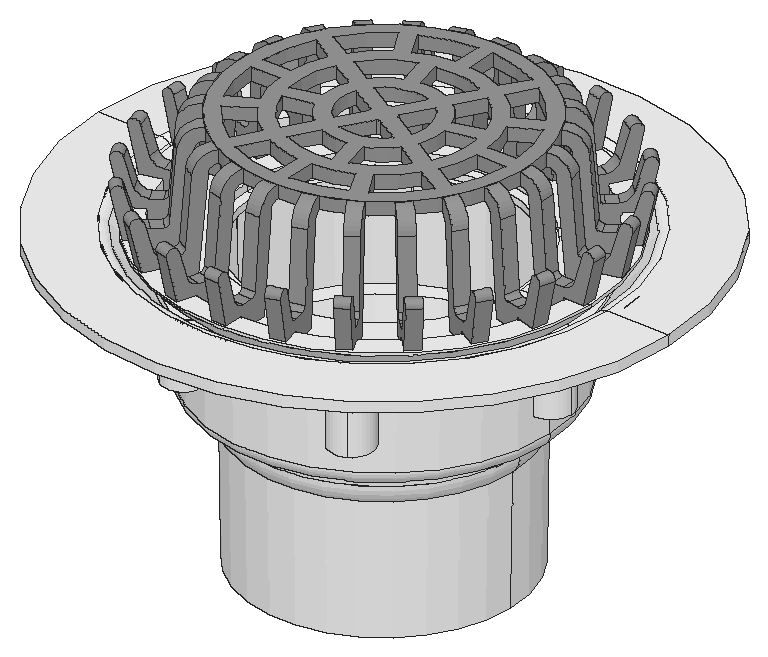
Revit family "3100.205  Roof Drain", category Plumbing Fixtures, Revit 2016
Family settings
  Part Type = Normal
  Round Connector Dimension = Use Diameter
  OmniClass Number = 23.45.00.00
  OmniClass Title = Sanitary, Laundry, and Cleaning Equipment
  Work Plane-Based = No
  Always vertical = Yes
  Cut with Voids When Loaded = No
  Shared = No
  Room Calculation Point = No
Parameters (values of type "3100.205 DN100")
  Waste Connection = yes
  Vent Connection = yes
  URL = "www.aquaknight.co.nz"
  Phone = "+6498322214"  # constant formula
  Model = "3100.205"
  Manufacturer = "Aquanight Industries Ltd"  # constant formula
  HW Connection = no
  Email = "info@aquaknight.co.nz"  # constant formula
  Description = "Roof Drain SD HF BE80 DN100 x100"
  Connector Size = 100 mm
  Connector Location = 75 mm  # constant formula
  CW Connection = no
Types (3, lengths in mm): name | Description | Connector Size
  (no name) | "Roof Drain SD HF BE80 DN100 x100" | 100
  3100.205 DN80 | "Roof Drain SD HF BE80 DN100 x 80" | 80
  3100.205 DN100 | "Roof Drain SD HF BE80 DN100 x100" | 100
Reference planes
  plane 1 "Center (Front/Back)": y = 0
  plane 2: z = 0
  plane 3 "Center (Left/Right)": x = 0
  plane 4: z = -75
Forms (mm)
  Revolve 1, solid, material "Plastic, Glossy White"
    sketch origin (0, 0, -4) x (1, 0, 0) y (0, 0, 1)
      loop
        line (-115, 4) -> (-115, 0) -> (-89.863, 0) -> (-78.069, -12.648) -> (-78.069, -15.504)
        arc (-78.069, -15.504) -> (-76.896, -18.33) -> (-74.069, -19.5) r 4
        line (-74.069, -19.5) -> (-67.629, -19.5) -> (-67.114, -48.643)
        arc (-67.114, -48.643) -> (-65.396, -52.547) -> (-61.406, -54.103) r 5.517
        arc (-61.406, -54.103) -> (-57.05, -55.766) -> (-55.2, -60.047) r 6
        arc (-55.2, -60.047) -> (-54.349, -64.085) -> (-52, -67.477) r 10.438
        line (-52, -67.477) -> (-51.354, -116.857) -> (-47.921, -116.857) -> (-48, -110.807) -> (-44.908, -110.807) -> (-44.908, -64.795) -> (-41.451, -65.098) -> (-38, -68.55) -> (-37.55, -112.512) -> (-35.05, -112.512) -> (-34.182, -62.807) -> (-49.785, -61.442) -> (-51.459, -50.375) -> (-58.805, -50.375) -> (-59.466, -12.5) -> (-72.737, -12.5) -> (-75.069, -10) -> (-86.641, 2.41)
        arc (-86.641, 2.41) -> (-88.304, 3.585) -> (-90.298, 4) r 5
        line (-90.298, 4) -> (-115, 4)
      loop
        line (-51.5, -6.15) -> (-51.5, -3.639) -> (-55.5, -3.639) -> (-55.5, -0.65) -> (-75.215, -0.65) -> (-75.215, 4) -> (-83.73, 4) -> (-83.73, 3.08) -> (-75.475, -5.175) -> (-51.5, -6.15)
      axis (0, 4) -> (0, -116.857)
    angle from 0 to 360
  Extrusion 2, solid, material "Stainless Steel", detail levels fine
    sketch origin (0, 0, 0) x (1, 0, 0) y (0, 1, 0)
      loop
        arc (-46.028, 23.147) -> (-49.762, 13.34) -> (-51.432, 2.979) r 51.54
        line (-51.432, 2.979) -> (-39.767, 2.979)
        arc (-39.767, 2.979) -> (-38.519, 10.327) -> (-35.926, 17.314) r 39.9
        line (-35.926, 17.314) -> (-46.028, 23.147)
      loop
        arc (-28.285, 43.071) -> (-36.422, 36.444) -> (-43.049, 28.307) r 51.54
        line (-43.049, 28.307) -> (-32.946, 22.475)
        arc (-32.946, 22.475) -> (-28.192, 28.214) -> (-22.453, 32.968) r 39.9
        line (-22.453, 32.968) -> (-28.285, 43.071)
      loop
        arc (-17.292, 35.948) -> (-10.305, 38.54) -> (-2.957, 39.789) r 39.9
        line (-2.957, 39.789) -> (-2.957, 51.454)
        arc (-2.957, 51.454) -> (-13.318, 49.784) -> (-23.125, 46.05) r 51.54
        line (-23.125, 46.05) -> (-17.292, 35.948)
      loop
        arc (-11.653, 32.06) -> (-20.749, 27.069) -> (-27.924, 19.575) r 34.12
        line (-27.924, 19.575) -> (-17.706, 13.676)
        arc (-17.706, 13.676) -> (-13.608, 17.763) -> (-8.599, 20.664) r 22.39
        line (-8.599, 20.664) -> (-11.653, 32.06)
      loop
        line (46.028, 23.147) -> (35.926, 17.314)
        arc (35.926, 17.314) -> (38.519, 10.327) -> (39.767, 2.979) r 39.9
        line (39.767, 2.979) -> (51.432, 2.979)
        arc (51.432, 2.979) -> (49.762, 13.34) -> (46.028, 23.147) r 51.54
      loop
        line (28.285, 43.071) -> (22.453, 32.968)
        arc (22.453, 32.968) -> (28.192, 28.214) -> (32.946, 22.475) r 39.9
        line (32.946, 22.475) -> (43.049, 28.307)
        arc (43.049, 28.307) -> (36.422, 36.444) -> (28.285, 43.071) r 51.54
      loop
        line (17.292, 35.948) -> (23.125, 46.05)
        arc (23.125, 46.05) -> (13.318, 49.784) -> (2.957, 51.454) r 51.54
        line (2.957, 51.454) -> (2.957, 39.789)
        arc (2.957, 39.789) -> (10.305, 38.54) -> (17.292, 35.948) r 39.9
      loop
        line (-46.028, -23.147) -> (-35.926, -17.314)
        arc (-35.926, -17.314) -> (-38.519, -10.327) -> (-39.767, -2.979) r 39.9
        line (-39.767, -2.979) -> (-51.432, -2.979)
        arc (-51.432, -2.979) -> (-49.762, -13.34) -> (-46.028, -23.147) r 51.54
      loop
        line (-28.285, -43.071) -> (-22.453, -32.968)
        arc (-22.453, -32.968) -> (-28.192, -28.214) -> (-32.946, -22.475) r 39.9
        line (-32.946, -22.475) -> (-43.049, -28.307)
        arc (-43.049, -28.307) -> (-36.422, -36.444) -> (-28.285, -43.071) r 51.54
      loop
        line (-17.292, -35.948) -> (-23.125, -46.05)
        arc (-23.125, -46.05) -> (-13.318, -49.784) -> (-2.957, -51.454) r 51.54
        line (-2.957, -51.454) -> (-2.957, -39.789)
        arc (-2.957, -39.789) -> (-10.305, -38.54) -> (-17.292, -35.948) r 39.9
      loop
        arc (46.028, -23.147) -> (49.762, -13.34) -> (51.432, -2.979) r 51.54
        line (51.432, -2.979) -> (39.767, -2.979)
        arc (39.767, -2.979) -> (38.519, -10.327) -> (35.926, -17.314) r 39.9
        line (35.926, -17.314) -> (46.028, -23.147)
      loop
        arc (28.285, -43.071) -> (36.422, -36.444) -> (43.049, -28.307) r 51.54
        line (43.049, -28.307) -> (32.946, -22.475)
        arc (32.946, -22.475) -> (28.192, -28.214) -> (22.453, -32.968) r 39.9
        line (22.453, -32.968) -> (28.285, -43.071)
      loop
        arc (17.292, -35.948) -> (10.305, -38.54) -> (2.957, -39.789) r 39.9
        line (2.957, -39.789) -> (2.957, -51.454)
        arc (2.957, -51.454) -> (13.318, -49.784) -> (23.125, -46.05) r 51.54
        line (23.125, -46.05) -> (17.292, -35.948)
      loop
        arc (11.653, -32.06) -> (20.749, -27.069) -> (27.924, -19.575) r 34.12
        line (27.924, -19.575) -> (17.706, -13.676)
        arc (17.706, -13.676) -> (13.608, -17.763) -> (8.599, -20.664) r 22.39
        line (8.599, -20.664) -> (11.653, -32.06)
      loop
        arc (-30.904, 14.415) -> (-33.806, 4.454) -> (-33.581, -5.919) r 34.12
        line (-33.581, -5.919) -> (-22.184, -2.866)
        arc (-22.184, -2.866) -> (-22.177, 2.922) -> (-20.686, 8.515) r 22.39
        line (-20.686, 8.515) -> (-30.904, 14.415)
      loop
        line (-4.945, -0.573) -> (-15.566, 5.56)
        arc (-15.566, 5.56) -> (-15.964, -4.283) -> (-10.698, -12.609) r 16.55
        line (-10.698, -12.609) -> (-4.566, -1.988)
        arc (-4.566, -1.988) -> (-4.808, -1.294) -> (-4.945, -0.573) r 5
      loop
        line (12.631, -10.72) -> (2.01, -4.588)
        arc (2.01, -4.588) -> (1.316, -4.83) -> (0.594, -4.967) r 5
        line (0.594, -4.967) -> (-5.538, -15.588)
        arc (-5.538, -15.588) -> (4.305, -15.986) -> (12.631, -10.72) r 16.55
      loop
        line (4.989, 0.573) -> (15.61, -5.56)
        arc (15.61, -5.56) -> (16.008, 4.283) -> (10.742, 12.609) r 16.55
        line (10.742, 12.609) -> (4.61, 1.988)
        arc (4.61, 1.988) -> (4.852, 1.294) -> (4.989, 0.573) r 5
      loop
        arc (5.581, 15.588) -> (-4.262, 15.986) -> (-12.587, 10.72) r 16.55
        line (-12.587, 10.72) -> (-1.966, 4.588)
        arc (-1.966, 4.588) -> (-1.272, 4.83) -> (-0.551, 4.967) r 5
        line (-0.551, 4.967) -> (5.581, 15.588)
      loop
        line (33.625, 5.919) -> (22.228, 2.866)
        arc (22.228, 2.866) -> (22.22, -2.922) -> (20.729, -8.515) r 22.39
        line (20.729, -8.515) -> (30.948, -14.415)
        arc (30.948, -14.415) -> (33.85, -4.454) -> (33.625, 5.919) r 34.12
      loop
        line (-20.642, -8.621) -> (-32.038, -11.675)
        arc (-32.038, -11.675) -> (-27.047, -20.771) -> (-19.553, -27.946) r 34.12
        line (-19.553, -27.946) -> (-13.654, -17.728)
        arc (-13.654, -17.728) -> (-17.741, -13.63) -> (-20.642, -8.621) r 22.39
      loop
        arc (-14.393, -30.926) -> (-4.432, -33.828) -> (5.941, -33.603) r 34.12
        line (5.941, -33.603) -> (2.887, -22.206)
        arc (2.887, -22.206) -> (-2.901, -22.198) -> (-8.493, -20.708) r 22.39
        line (-8.493, -20.708) -> (-14.393, -30.926)
      loop
        line (20.686, 8.621) -> (32.082, 11.675)
        arc (32.082, 11.675) -> (27.091, 20.771) -> (19.597, 27.946) r 34.12
        line (19.597, 27.946) -> (13.698, 17.728)
        arc (13.698, 17.728) -> (17.785, 13.63) -> (20.686, 8.621) r 22.39
      loop
        arc (14.437, 30.926) -> (4.475, 33.828) -> (-5.897, 33.603) r 34.12
        line (-5.897, 33.603) -> (-2.844, 22.206)
        arc (-2.844, 22.206) -> (2.944, 22.198) -> (8.537, 20.708) r 22.39
        line (8.537, 20.708) -> (14.437, 30.926)
      loop
        circle (0.022, 0) r 57.228
    from 35 to 40
  Revolve 3, solid, material "Stainless Steel", detail levels coarse+medium
    sketch origin (0, 0, -4) x (1, 0, 0) y (0, 0, 1)
      loop
        line (0, 44) -> (-57.51, 44)
        arc (-57.51, 44) -> (-63.283, 41.74) -> (-65.988, 36.162) r 8.504
        line (-65.988, 36.162) -> (-68.033, 10.092)
        arc (-68.033, 10.092) -> (-68.634, 8.852) -> (-69.917, 8.35) r 1.89
        line (-69.917, 8.35) -> (-74.388, 8.35)
        arc (-74.388, 8.35) -> (-77.362, 9.331) -> (-79.169, 11.888) r 5
        line (-79.169, 11.888) -> (-82.46, 22.651)
        arc (-82.46, 22.651) -> (-85.284, 24.218) -> (-86.95, 21.452) r 2.325
        line (-86.95, 21.452) -> (-83.071, 4.65) -> (-75, 4.65) -> (-75, -0.65) -> (-63.95, -0.65) -> (-60.77, 35.692)
        arc (-60.77, 35.692) -> (-59.609, 38.048) -> (-57.161, 39) r 3.624
        line (-57.161, 39) -> (0, 39) -> (0, 44)
      axis (0, 44) -> (0, -0.65)
    angle from 0 to 360
  Extrusion 4, solid, material "Plastic, Glossy White", detail levels medium+fine
    sketch origin (0, 0, -4) x (1, 0, 0) y (0, 1, 0)
      loop
        circle (67.565, 0) r 8.2
      loop
        circle (-67.565, 0) r 8.2
      loop
        circle (-33.782, 58.513) r 8.2
      loop
        circle (33.782, 58.513) r 8.2
      loop
        circle (-33.782, -58.513) r 8.2
      loop
        circle (33.782, -58.513) r 8.2
    from -38.379 to -12.5
Lines and regions (mm)
  model lines, detail levels medium+fine
    curve 1: circle (53.522, 92.665, 0) r 4.5 normal (0, 0, 1)
    curve 2: circle (107.022, 0, 0) r 4.5 normal (0, 0, 1)
    curve 3: circle (-53.478, 92.665, 0) r 4.5 normal (0, 0, 1)
    curve 4: circle (-106.978, 0, 0) r 4.5 normal (0, 0, 1)
    curve 5: circle (-53.478, -92.665, 0) r 4.5 normal (0, 0, 1)
    curve 6: circle (53.522, -92.665, 0) r 4.5 normal (0, 0, 1)
Dimensions and locks
  "Connector Location": level to plane 4
  locked: connector elem to plane 1 "Center (Front/Back)" at 0
  locked: connector elem to plane 3 "Center (Left/Right)" at 0
  aligned and locked: level to plane 2
Automatic sketch dimensions
  Revolve 1 sketch curve to level = 0 mm  (x2)
  Revolve 1 sketch curve to plane 3 "Center (Left/Right)" = 0 mm
  plane 4 to Revolve 1 sketch curve = 8.193 mm
  Revolve 1 sketch curve to plane 3 "Center (Left/Right)" = 34.182 mm
  Revolve 1 sketch curve to plane 3 "Center (Left/Right)" = 35.05 mm
  Revolve 1 sketch curve to Revolve 1 sketch curve = 2.5 mm
  plane 4 to Revolve 1 sketch curve = 2.45 mm
  Revolve 1 sketch curve to Revolve 1 sketch curve = 3.817 mm
  plane 4 to Revolve 1 sketch curve = 5.902 mm
  Revolve 1 sketch curve to Revolve 1 sketch curve = 3.452 mm
  Revolve 1 sketch curve to Revolve 1 sketch curve = 3.311 mm
  plane 4 to Revolve 1 sketch curve = 6.205 mm
  Revolve 1 sketch curve to Revolve 1 sketch curve = 3.457 mm
  Revolve 1 sketch curve to Revolve 1 sketch curve = 3.012 mm
  Revolve 1 sketch curve to Revolve 1 sketch curve = 3.091 mm
  plane 4 to Revolve 1 sketch curve = 9.558 mm
  Revolve 1 sketch curve to Revolve 1 sketch curve = 5.022 mm
  Revolve 1 sketch curve to Revolve 1 sketch curve = 3.434 mm
  Revolve 1 sketch curve to Revolve 1 sketch curve = 1.674 mm
  Revolve 1 sketch curve to level = 10.15 mm
  Revolve 1 sketch curve to Revolve 1 sketch curve = 0.041 mm
  plane 4 to Revolve 1 sketch curve = 3.523 mm
  Revolve 1 sketch curve to Revolve 1 sketch curve = 2.215 mm
  Revolve 1 sketch curve to Revolve 1 sketch curve = 4 mm
  Revolve 1 sketch curve to Revolve 1 sketch curve = 7.345 mm
  Revolve 1 sketch curve to level = 16.5 mm
  Revolve 1 sketch curve to Revolve 1 sketch curve = 3.966 mm
  Revolve 1 sketch curve to Revolve 1 sketch curve = 2.395 mm
  Revolve 1 sketch curve to Revolve 1 sketch curve = 2.794 mm
  plane 4 to Revolve 1 sketch curve = 22.357 mm
  Revolve 1 sketch curve to Revolve 1 sketch curve = 5.516 mm
  Revolve 1 sketch curve to Revolve 1 sketch curve = 8.163 mm
  Revolve 1 sketch curve to Revolve 1 sketch curve = 5.109 mm
  Revolve 1 sketch curve to Revolve 1 sketch curve = 6.44 mm
  Revolve 1 sketch curve to level = 14 mm
  Revolve 1 sketch curve to Revolve 1 sketch curve = 2.331 mm
  Revolve 1 sketch curve to Revolve 1 sketch curve = 0.147 mm
  Revolve 1 sketch curve to level = 9.175 mm
  Revolve 1 sketch curve to Revolve 1 sketch curve = 0.259 mm
  Revolve 1 sketch curve to level = 16.648 mm
  Revolve 1 sketch curve to Revolve 1 sketch curve = 3 mm
  Revolve 1 sketch curve to level = 0.92 mm
  Revolve 1 sketch curve to Revolve 1 sketch curve = 8.514 mm
  Revolve 1 sketch curve to level = 1.59 mm
  Revolve 1 sketch curve to Revolve 1 sketch curve = 2.912 mm
  Revolve 1 sketch curve to Revolve 1 sketch curve = 3.222 mm
  Revolve 1 sketch curve to Revolve 1 sketch curve = 0.435 mm
  Revolve 1 sketch curve to Revolve 1 sketch curve = 24.702 mm
  Revolve 1 sketch curve to plane 4 = 39.807 mm
  Revolve 1 sketch curve to Revolve 1 sketch curve = 1.704 mm
  Revolve 1 sketch curve to Revolve 1 sketch curve = 6.049 mm
  plane 4 to Revolve 1 sketch curve = 10.901 mm
  Revolve 1 sketch curve to Revolve 1 sketch curve = 4.839 mm
  Revolve 1 sketch curve to Revolve 1 sketch curve = 1.732 mm
  Revolve 1 sketch curve to Revolve 1 sketch curve = 1.829 mm
  Revolve 1 sketch curve to Revolve 1 sketch curve = 7 mm
  Revolve 1 sketch curve to Revolve 1 sketch curve = 2.856 mm
  Revolve 1 sketch curve to Revolve 1 sketch curve = 2.511 mm
  Revolve 1 sketch curve to Revolve 1 sketch curve = 2.989 mm
  Revolve 1 sketch curve to Revolve 1 sketch curve = 1 mm
  Revolve 1 sketch curve to Revolve 1 sketch curve = 0 mm
  Revolve 1 sketch curve to Revolve 1 sketch curve = 2.602 mm
  Revolve 1 sketch curve to Revolve 1 sketch curve = 0.002 mm
  Revolve 1 sketch curve to Revolve 1 sketch curve = 336.074 mm
  level to Revolve 1 sketch curve = 2441.244 mm
  Extrusion 2 sketch curve to Extrusion 2 sketch curve = 0 mm  (x1375)
  plane 1 "Center (Front/Back)" to Extrusion 2 sketch curve = 0 mm  (x2)
  Extrusion 2 sketch curve to plane 1 "Center (Front/Back)" = 2.979 mm  (x2)
  Extrusion 2 sketch curve to plane 3 "Center (Left/Right)" = 51.432 mm
  plane 1 "Center (Front/Back)" to Extrusion 2 sketch curve = 23.147 mm
  Extrusion 2 sketch curve to Extrusion 2 sketch curve = 5.404 mm  (x2)
  Extrusion 2 sketch curve to plane 1 "Center (Front/Back)" = 23.147 mm
  Extrusion 2 sketch curve to Extrusion 2 sketch curve = 2.979 mm  (x17)
  Extrusion 2 sketch curve to Extrusion 2 sketch curve = 11.665 mm  (x2)
  plane 1 "Center (Front/Back)" to Extrusion 2 sketch curve = 17.314 mm  (x2)
  Extrusion 2 sketch curve to plane 1 "Center (Front/Back)" = 17.314 mm  (x2)
  plane 1 "Center (Front/Back)" to Extrusion 2 sketch curve = 5.919 mm
  Extrusion 2 sketch curve to Extrusion 2 sketch curve = 6.186 mm
  plane 1 "Center (Front/Back)" to Extrusion 2 sketch curve = 11.675 mm
  Extrusion 2 sketch curve to Extrusion 2 sketch curve = 1.542 mm  (x4)
  Extrusion 2 sketch curve to plane 1 "Center (Front/Back)" = 14.415 mm
  Extrusion 2 sketch curve to Extrusion 2 sketch curve = 14.763 mm  (x2)
  Extrusion 2 sketch curve to Extrusion 2 sketch curve = 5.022 mm  (x5)
  Extrusion 2 sketch curve to Extrusion 2 sketch curve = 5.16 mm  (x17)
  Extrusion 2 sketch curve to Extrusion 2 sketch curve = 5.833 mm  (x4)
  plane 1 "Center (Front/Back)" to Extrusion 2 sketch curve = 2.866 mm
  Extrusion 2 sketch curve to Extrusion 2 sketch curve = 11.397 mm  (x3)
  Extrusion 2 sketch curve to plane 1 "Center (Front/Back)" = 8.515 mm
  plane 1 "Center (Front/Back)" to Extrusion 2 sketch curve = 8.621 mm
  Extrusion 2 sketch curve to Extrusion 2 sketch curve = 2.899 mm  (x3)
  Extrusion 2 sketch curve to plane 1 "Center (Front/Back)" = 5.56 mm
  Extrusion 2 sketch curve to Extrusion 2 sketch curve = 5.119 mm  (x5)
  Extrusion 2 sketch curve to Extrusion 2 sketch curve = 6.988 mm
  Extrusion 2 sketch curve to Extrusion 2 sketch curve = 5.639 mm  (x2)
  Extrusion 2 sketch curve to Extrusion 2 sketch curve = 2.956 mm  (x4)
  Extrusion 2 sketch curve to plane 3 "Center (Left/Right)" = 8.599 mm
  Extrusion 2 sketch curve to plane 3 "Center (Left/Right)" = 5.897 mm
  Extrusion 2 sketch curve to plane 3 "Center (Left/Right)" = 5.538 mm
  plane 1 "Center (Front/Back)" to Extrusion 2 sketch curve = 0.573 mm
  Extrusion 2 sketch curve to plane 3 "Center (Left/Right)" = 4.945 mm
  plane 1 "Center (Front/Back)" to Extrusion 2 sketch curve = 1.988 mm
  Extrusion 2 sketch curve to plane 3 "Center (Left/Right)" = 2.957 mm  (x2)
  Extrusion 2 sketch curve to plane 3 "Center (Left/Right)" = 2.844 mm
  Extrusion 2 sketch curve to plane 3 "Center (Left/Right)" = 1.966 mm
  Extrusion 2 sketch curve to plane 3 "Center (Left/Right)" = 0.551 mm
  Extrusion 2 sketch curve to plane 3 "Center (Left/Right)" = 0.022 mm
  plane 3 "Center (Left/Right)" to Extrusion 2 sketch curve = 0.594 mm
  Extrusion 2 sketch curve to Extrusion 2 sketch curve = 1.415 mm
  plane 3 "Center (Left/Right)" to Extrusion 2 sketch curve = 2.887 mm
  plane 3 "Center (Left/Right)" to Extrusion 2 sketch curve = 2.957 mm  (x2)
  Extrusion 2 sketch curve to plane 1 "Center (Front/Back)" = 1.988 mm
  plane 3 "Center (Left/Right)" to Extrusion 2 sketch curve = 4.61 mm
  Extrusion 2 sketch curve to plane 1 "Center (Front/Back)" = 0.573 mm
  plane 3 "Center (Left/Right)" to Extrusion 2 sketch curve = 5.581 mm
  plane 3 "Center (Left/Right)" to Extrusion 2 sketch curve = 5.941 mm
  Extrusion 2 sketch curve to Extrusion 2 sketch curve = 5.712 mm  (x2)
  Extrusion 2 sketch curve to Extrusion 2 sketch curve = 4.031 mm
  Extrusion 2 sketch curve to Extrusion 2 sketch curve = 5.899 mm
  plane 1 "Center (Front/Back)" to Extrusion 2 sketch curve = 5.56 mm
  Extrusion 2 sketch curve to Extrusion 2 sketch curve = 2.856 mm  (x2)
  Extrusion 2 sketch curve to Extrusion 2 sketch curve = 5.076 mm
  Extrusion 2 sketch curve to plane 1 "Center (Front/Back)" = 8.621 mm
  Extrusion 2 sketch curve to Extrusion 2 sketch curve = 9.944 mm
  plane 1 "Center (Front/Back)" to Extrusion 2 sketch curve = 8.515 mm
  Extrusion 2 sketch curve to plane 1 "Center (Front/Back)" = 2.866 mm
  Extrusion 2 sketch curve to Extrusion 2 sketch curve = 10.218 mm
  plane 1 "Center (Front/Back)" to Extrusion 2 sketch curve = 14.415 mm
  Extrusion 2 sketch curve to Extrusion 2 sketch curve = 3.023 mm
  Extrusion 2 sketch curve to plane 1 "Center (Front/Back)" = 11.675 mm
  Extrusion 2 sketch curve to Extrusion 2 sketch curve = 0.864 mm
  Extrusion 2 sketch curve to plane 1 "Center (Front/Back)" = 5.919 mm
  Extrusion 2 sketch curve to Extrusion 2 sketch curve = 4.978 mm
  plane 1 "Center (Front/Back)" to Extrusion 2 sketch curve = 2.979 mm
  Extrusion 2 sketch curve to Extrusion 2 sketch curve = 10.102 mm  (x2)
  Extrusion 2 sketch curve to Extrusion 2 sketch curve = 0.908 mm
  plane 1 "Center (Front/Back)" to Extrusion 2 sketch curve = 4.967 mm
  Extrusion 2 sketch curve to plane 1 "Center (Front/Back)" = 4.588 mm
  Revolve 3 sketch curve to plane 3 "Center (Left/Right)" = 0 mm  (x2)
  level to Revolve 3 sketch curve = 31.376 mm
  Revolve 3 sketch curve to plane 3 "Center (Left/Right)" = 57.161 mm
  Revolve 3 sketch curve to Revolve 3 sketch curve = 0.349 mm
  Revolve 3 sketch curve to Revolve 3 sketch curve = 3.26 mm
  Revolve 3 sketch curve to level = 4.65 mm
  Revolve 3 sketch curve to Revolve 3 sketch curve = 3.18 mm
  level to Revolve 3 sketch curve = 32.162 mm
  Revolve 3 sketch curve to Revolve 3 sketch curve = 5.217 mm
  level to Revolve 3 sketch curve = 6.092 mm
  Revolve 3 sketch curve to Revolve 3 sketch curve = 4.083 mm
  Revolve 3 sketch curve to Revolve 3 sketch curve = 1.884 mm
  Revolve 3 sketch curve to Revolve 3 sketch curve = 4.47 mm
  Revolve 3 sketch curve to Revolve 3 sketch curve = 0.612 mm
  level to Revolve 3 sketch curve = 7.888 mm
  Revolve 3 sketch curve to Revolve 3 sketch curve = 4.782 mm
  level to Revolve 3 sketch curve = 0.65 mm
  Revolve 3 sketch curve to Revolve 3 sketch curve = 8.071 mm
  Revolve 3 sketch curve to Revolve 3 sketch curve = 5.514 mm
  level to Revolve 3 sketch curve = 17.452 mm
  Revolve 3 sketch curve to Revolve 3 sketch curve = 2.267 mm
  Revolve 3 sketch curve to Revolve 3 sketch curve = 3.7 mm
  Revolve 3 sketch curve to Revolve 3 sketch curve = 0.52 mm
  Revolve 3 sketch curve to Revolve 3 sketch curve = 0.12 mm
  Revolve 3 sketch curve to Revolve 3 sketch curve = 0.196 mm
  level to Revolve 3 sketch curve = 18.651 mm
  Revolve 3 sketch curve to Revolve 3 sketch curve = 2.224 mm
  Revolve 3 sketch curve to Revolve 3 sketch curve = 0 mm
  Revolve 3 sketch curve to plane 4 = 381.931 mm
  Revolve 3 sketch curve to Revolve 3 sketch curve = 2401.244 mm
  plane 1 "Center (Front/Back)" to Extrusion 4 sketch curve = 0 mm  (x2)
  Extrusion 4 sketch curve to plane 3 "Center (Left/Right)" = 67.565 mm
  Extrusion 4 sketch curve to plane 3 "Center (Left/Right)" = 33.782 mm  (x2)
  plane 3 "Center (Left/Right)" to Extrusion 4 sketch curve = 33.782 mm  (x2)
  Extrusion 4 sketch curve to Extrusion 4 sketch curve = 33.782 mm
  plane 1 "Center (Front/Back)" to Extrusion 4 sketch curve = 58.513 mm  (x2)
  Extrusion 4 sketch curve to plane 1 "Center (Front/Back)" = 58.513 mm  (x2)
  Revolve 1 to curve 4 = 0 mm
  Revolve 1 to curve 2 = 0 mm
  Revolve 1 to curve 6 = 92.665 mm
  Revolve 1 to curve 5 = 92.665 mm
  curve 3 to Revolve 1 = 92.665 mm
  curve 1 to Revolve 1 = 92.665 mm
  curve 2 to curve 6 = 53.5 mm
  curve 2 to curve 1 = 53.5 mm
  curve 6 to curve 5 = 107 mm
  curve 1 to curve 3 = 107 mm
  curve 5 to curve 4 = 53.5 mm
  radius of Extrusion 2 sketch curve = 57.228 mm
  radius of Extrusion 4 sketch curve = 8.2 mm  (x6)
  radius of curve 1 = 4.5 mm
  radius of curve 2 = 4.5 mm
  radius of curve 3 = 4.5 mm
  radius of curve 4 = 4.5 mm
  radius of curve 5 = 4.5 mm
  radius of curve 6 = 4.5 mm
Nested families
  nested 1: "hook" at (0, 0, 0), type "230", detail levels fine
  nested 2: "hook" at (0, 0, 0) x (0.9659, 0.2588, 0) z (0, 0, 1), type "230", detail levels fine
  nested 3: "hook" at (0, 0, 0) x (0.866, 0.5, 0) z (0, 0, 1), type "230", detail levels fine
  nested 4: "hook" at (0, 0, 0) x (0.7071, 0.7071, 0) z (0, 0, 1), type "230", detail levels fine
  nested 5: "hook" at (0, 0, 0) x (0.5, 0.866, 0) z (0, 0, 1), type "230", detail levels fine
  nested 6: "hook" at (0, 0, 0) x (0.2588, 0.9659, 0) z (0, 0, 1), type "230", detail levels fine
  nested 7: "hook" at (0, 0, 0) x (0, 1, 0) z (0, 0, 1), type "230", detail levels fine
  nested 8: "hook" at (0, 0, 0) x (-0.2588, 0.9659, 0) z (0, 0, 1), type "230", detail levels fine
  nested 9: "hook" at (0, 0, 0) x (-0.5, 0.866, 0) z (0, 0, 1), type "230", detail levels fine
  nested 10: "hook" at (0, 0, 0) x (-0.7071, 0.7071, 0) z (0, 0, 1), type "230", detail levels fine
  nested 11: "hook" at (0, 0, 0) x (-0.866, 0.5, 0) z (0, 0, 1), type "230", detail levels fine
  nested 12: "hook" at (0, 0, 0) x (-0.9659, 0.2588, 0) z (0, 0, 1), type "230", detail levels fine
  nested 13: "hook" at (0, 0, 0) x (-1, 0, 0) z (0, 0, 1), type "230", detail levels fine
  nested 14: "hook" at (0, 0, 0) x (-0.9659, -0.2588, 0) z (0, 0, 1), type "230", detail levels fine
  nested 15: "hook" at (0, 0, 0) x (-0.866, -0.5, 0) z (0, 0, 1), type "230", detail levels fine
  nested 16: "hook" at (0, 0, 0) x (-0.7071, -0.7071, 0) z (0, 0, 1), type "230", detail levels fine
  nested 17: "hook" at (0, 0, 0) x (-0.5, -0.866, 0) z (0, 0, 1), type "230", detail levels fine
  nested 18: "hook" at (0, 0, 0) x (-0.2588, -0.9659, 0) z (0, 0, 1), type "230", detail levels fine
  nested 19: "hook" at (0, 0, 0) x (0, -1, 0) z (0, 0, 1), type "230", detail levels fine
  nested 20: "hook" at (0, 0, 0) x (0.2588, -0.9659, 0) z (0, 0, 1), type "230", detail levels fine
  nested 21: "hook" at (0, 0, 0) x (0.5, -0.866, 0) z (0, 0, 1), type "230", detail levels fine
  nested 22: "hook" at (0, 0, 0) x (0.7071, -0.7071, 0) z (0, 0, 1), type "230", detail levels fine
  nested 23: "hook" at (0, 0, 0) x (0.866, -0.5, 0) z (0, 0, 1), type "230", detail levels fine
  nested 24: "hook" at (0, 0, 0) x (0.9659, -0.2588, 0) z (0, 0, 1), type "230", detail levels fine
Connectors
  piping at (0, 0, -75), diameter 100, driven by "Connector Size"
    settings: on plane 4, index 1, connector inside diameter 609.6 mm, connector length 0 mm, flow factor 0, pipe flow 0.0 L/s, pressure drop 0.0 Pa, fitting loss kfactor 0, connector angle 0.00°, fixture units 0, engagement length 0 mm, angle of deflection 0.00°, flow configuration 0, flow direction 0, fitting loss method 0, system type 28, joint type 0, gender type 0, connector reference index -1, connector utility 0, adjustable connector no, is connector primary yes, connector description ""
Definition of nested family "hook"
  Parameters (values of type "230")
    Waste Connection = yes
    Vent Connection = yes
    URL = ""
    Model = ""
    Manufacturer = ""
    HW Connection = no
    Description = ""
    CW Connection = no
  Reference planes
    plane 1 "Center (Front/Back)": y = 0
    plane 2: z = 0
    plane 3 "Center (Left/Right)": x = 0
    plane 4: z = 40
  Forms (mm)
    Extrusion 1, solid, detail levels fine
      sketch origin (0, 0, 0) x (1, 0, 0) y (0, 0, 1)
        loop
          arc (-74.388, 4.35) -> (-77.362, 5.331) -> (-79.169, 7.888) r 5
          line (-79.169, 7.888) -> (-82.46, 18.651)
          arc (-82.46, 18.651) -> (-85.284, 20.218) -> (-86.95, 17.452) r 2.325
          line (-86.95, 17.452) -> (-83.071, 0.65) -> (-75, 0.65) -> (-75, -4.65) -> (-63.95, -4.65) -> (-60.77, 31.692)
          arc (-60.77, 31.692) -> (-59.638, 34.021) -> (-57.24, 34.999) r 3.624
          line (-57.24, 34.999) -> (-57.24, 39.996)
          arc (-57.24, 39.996) -> (-63.183, 37.831) -> (-65.988, 32.162) r 8.504
          line (-65.988, 32.162) -> (-68.033, 6.092)
          arc (-68.033, 6.092) -> (-68.634, 4.852) -> (-69.917, 4.35) r 1.89
          line (-69.917, 4.35) -> (-74.388, 4.35)
      from -2.8 to 2.8
  Dimensions and locks
    aligned and locked: level to plane 2
